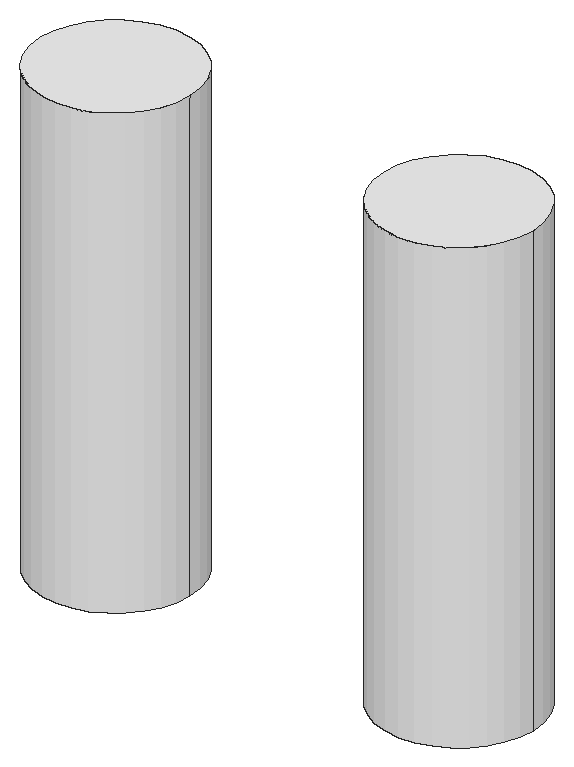
Revit family "57082273(2021)", category Plumbing Fixtures, Revit 2020
Family settings
  Round Connector Dimension = Use Diameter
  Part Type = Normal
  OmniClass Number = 23.45.55.00
  OmniClass Title = Sanitary Faucets, Wastes
  Work Plane-Based = No
  Always vertical = Yes
  Cut with Voids When Loaded = No
  Shared = No
  Room Calculation Point = No
Parameters (values of type "57082273 Washbasin faucet")
  Working Pressure = "50 - 1000 kPa"
  WarrantyStartDate [instance] = "n/a"
  WarrantyGuarantorParts = "n/a"
  WarrantyGuarantorLabor = "n/a"
  WarrantyDurationUnit = "Year"
  WarrantyDurationParts = "n/a"
  WarrantyDurationLabor = "n/a"
  WarrantyDescription = "http://warranty.hansa.com"
  Warranty Information URL = "http://warranty.hansa.com"
  VersionDate = "01/06/2023"
  Version = "1"
  ValvePattern = "n/a"
  ValveOperation = "n/a"
  ValveMechanism = "n/a"
  Uniclass2015Reference = "Pr_40_20_87_96"
  Uniclass2015Description = "Washbasin manual water supply sets"
  Uniclass2 = "Pr_40_30_96_96"
  URL UWL = "http://static.hansa.com/UWL/57082273"
  URL REACH = "http://static.hansa.com/doc/reach"
  URL Materials Declaration = "http://www.hansa.com/fileadmin/resources/182887_57082273_materialsdeclaration.pdf"
  URL Environmental Product Declaration EPD = "http://www.hansa.com/fileadmin/resources/184523_EPD_Washbasin faucet.pdf"
  URL EcoLabel Declaration = "http://static.hansa.com/doc/EcoLabel"
  URL EU Packaging Declaration = "http://static.hansa.com/doc/packaging"
  URL Declaration of SCIP = "http://static.hansa.com/doc/SCIP"
  URL Declaration of Conformity = "http://static.hansa.com/DoC/57082273"
  URL Declaration of Asbestos = "http://static.hansa.com/doc/asbestos"
  URL Declaration Of Performance (DOP) = "http://static.hansa.com/doc/DoP"
  URL ABP = "http://static.hansa.com/ABP/57082273"
  URL = ""
  UNSPSC Class Number = "30181700 Faucets or taps"
  TestPressure = "n/a"
  Technical DataSheet URL = "http://www.hansa.com/datasheet/57082273/en"
  TagNumber [instance] = "n/a"
  SustainabilityPerformance = "n/a"
  Surface treatment = "Chrome"
  Spout Type = "Fixed spout"
  Spout Projection = "113 mm"
  Spare-Part Information URL = "http://static.hansa.com/sp/57082273"
  Size = "50x145x175 mm"
  Shape = "Sculptured"
  SerialNumber [instance] = "n/a"
  Sales Package dimensions (LxWxH) = "540 x 146 x 59"
  Revision = "n/a"
  ReplacementCost = "n/a"
  ProductInformation = "n/a"
  Product URL = "http://static.hansa.com/57082273"
  Product Image URL = "http://static.hansa.com/image/57082273"
  Product Family = "HANSASTELA "
  Product Code = "57082273"
  OperatingMechanismMaterial = "n/a"
  NominalWidth = 48.5 mm
  NominalHeight = 175.838 mm
  NominalDepth = 143.806 mm
  Noise Class = "I (ISO 3822) "
  Name_en = "57082273 Washbasin faucet"
  Name = "57082273 Washbasin faucet"
  NBSReference = "45-35-70/371"
  NBSDescription = "Water supply fittings for wash basins and troughs"
  Mounting Holes = "1 hole"
  ModelReference = "57082273"
  ModelNumber = "n/a"
  Model = "57082273 Washbasin faucet"
  Mobile Product Information URL = "http://mpi.hansa.com/57082273"
  Mechanical Parts = "ø 40 mm ceramic cartridge for flow and temperature control"
  Max. Hot Water Supply = 70 °C
  Material = "Brass"
  Market = "International;Germany;Austria;Belgium;Netherlands;France;Czech Republic;Slovakia;Italy;Spain"
  ManufacturerURL = "http://www.hansa.com"
  ManufacturerName = "HANSA"
  Manufacturer = "HANSA"
  Lever Handle = "Single operating lever/handle;Hot/Cold symbols"
  Keynote = ""
  Interactive AR View URL = "https://static.hansa.com/AR/57082273"
  InstallationDate [instance] = "n/a"
  Installation and Maintenance Guide URL = "http://static.hansa.com/manual/57082273"
  Installation Type = "Deck mounted"
  InletConnectionSize = 10 mm
  IfcExportType = "FAUCET"  # constant formula
  IfcExportAs = "IfcValveType"  # constant formula
  Group = "Washbasin faucet"
  Grade = "n/a"
  FlowCoefficient = 0
  Flow Rate At 300kPa With Flow Controller = 0.09 L/s
  Flow Drawing URL = "http://static.hansa.com/flowchart/57082273"
  Finish = "Polished"
  Features = "Single-lever"
  FaucetMainMaterial = Brass
  FDV Document URL = "http://www.hansa.com/datasheet/57082273/en/fdv"
  ExpectedLife = "n/a"
  Excluded Items = "Without pop-up waste"
  ETIM Class Number = "EC011328 Washbasin mixing tap"
  EN Standard = "EN 817"
  EAN Number = "4057304015434"
  DurationUnit = "Year"
  Dimension Drawing URL = "http://static.hansa.com/dimdrw/57082273"
  Description = ""
  DefaultElevation [instance] = 900 mm
  Default Elevation = 0 mm
  Constituents = "n/a"
  Connection Size = "G3/8"
  Connection = "Flexible inlet pipes"
  Color = "Chrome"
  CodePerformance = "n/a"
  CloseOffRating = 0
  Category = "Washbasin"
  Catalog Drawing URL = "http://static.hansa.com/catdrw/57082273"
  CO2 Emissions (D) = -9.06
  CO2 Emissions (C4) = 0.1
  CO2 Emissions (C3) = 0.03
  CO2 Emissions (C2) = 0.02
  CO2 Emissions (B7) = 1668.6
  CO2 Emissions (A4) = 0.35
  CO2 Emissions (A1-A3) = 12.74
  Brand = "HANSA"
  BodyMaterial = "Brass"
  Barcode [instance] = "n/a"
  Backflow Prevention EN1717 = "AA"
  BIMObjectName = "57082273(2021)"
  Author = "BIMStone"
  AssetType = "Fixed"
  AssetIdentifier [instance] = "n/a"
  Approval ABP = "P-IX 38183/IO"
  Ambience photo = "http://static.hansa.com/ambience/57082273"
  Aerator = "Laminar stream"
  Advanced Features = "Inner body made of DZR brass;3S-installation system for safe and simple mounting"
  Additional Features = "diamond structured water flow"
  AccessibilityPerformance = "n/a"
  3D View = "https://static.hansa.com/AR/57082273"
  2D/3D/BIM Files URL = "http://static.hansa.com/bim/57082273"
Reference planes
  plane 1 "Center (Front/Back)": y = 0
  plane 2: z = 0
  plane 3 "Center (Left/Right)": x = 0
  plane 4: x = -24.25
  plane 5: z = 900
  plane 6: z = 870
  plane 7: y = -143.806
  plane 8: x = 24.25
  plane 9: z = 1075.838
Forms (mm)
  Extrusion 1, solid, material "Brass" <- "FaucetMainMaterial"
    sketch origin (0, -2.74, 0) x (1, 0, 0) y (0, 1, 0)
      loop
        circle (-11.5, -22.5) r 5
      loop
        circle (11.5, -22.5) r 5
    from 870 to 900
Dimensions and locks
  "DefaultElevation": plane 5 to level
  locked: plane 5 to plane 6 at 30
  "NominalDepth": plane 7 to plane 1 "Center (Front/Back)"
  equal spacing: plane 4, plane 3 "Center (Left/Right)", plane 8
  "NominalHeight": plane 9 to plane 5
  "NominalWidth": plane 4 to plane 8
  "InletConnectionSize": diameter of Extrusion 1 sketch curve  (x2)
  aligned and locked: level to plane 2
  aligned and locked: plane 5 to Extrusion 1
  aligned and locked: Extrusion 1 to plane 6
  aligned and locked: nested 2 to plane 5
  aligned and locked: plane 3 "Center (Left/Right)" to nested 2
  aligned and locked: plane 1 "Center (Front/Back)" to nested 2
  aligned and locked: plane 1 "Center (Front/Back)" to nested 1
  aligned and locked: plane 3 "Center (Left/Right)" to nested 1
Automatic sketch dimensions
  Extrusion 1 sketch curve to plane 3 "Center (Left/Right)" = 11.5 mm
  plane 3 "Center (Left/Right)" to Extrusion 1 sketch curve = 11.5 mm
  plane 1 "Center (Front/Back)" to Extrusion 1 sketch curve = 25.24 mm
  Extrusion 1 sketch curve to Extrusion 1 sketch curve = 0 mm
Nested families
  nested 1: "Symbol" at (0, 0, 0), type "Symbol", detail levels coarse
  nested 2: "57082273(2021)_Body" at (0, 0, 900), Material <- "FaucetMainMaterial", type "57082273(2021)_Body"
    with Material Brass
Connectors
  piping at (-11.5, -25.24, 870), diameter 10, driven by "InletConnectionSize"
    settings: on Extrusion 1, index 1, connector inside diameter 609.6 mm, connector length 0 mm, flow factor 0, pipe flow 0.0 L/s, pressure drop 0.0 Pa, fitting loss kfactor 0, connector angle 0.00°, fixture units 0, engagement length 0 mm, angle of deflection 0.00°, flow configuration 1, flow direction 1, fitting loss method 0, system type 19, joint type 0, gender type 0, connector reference index -1, connector utility 0, adjustable connector no, is connector primary yes, connector description ""
  piping at (11.5, -25.24, 870), diameter 10, driven by "InletConnectionSize"
    settings: on Extrusion 1, index 2, connector inside diameter 609.6 mm, connector length 0 mm, flow factor 0, pipe flow 0.0 L/s, pressure drop 0.0 Pa, fitting loss kfactor 0, connector angle 0.00°, fixture units 0, engagement length 0 mm, angle of deflection 0.00°, flow configuration 1, flow direction 1, fitting loss method 0, system type 20, joint type 0, gender type 0, connector reference index -1, connector utility 0, adjustable connector no, is connector primary no, connector description ""
Definition of nested family "Symbol"
  Reference planes
    plane 1: y = 0
    plane 2: x = 0
  Lines and regions (mm)
    detail lines
      curve 1: line (0, 0, 0) -> (0, -1.8, 0)
      curve 2: line (-0.4, -1.1, 0) -> (0.4, -1.1, 0)
      curve 3: line (-0.4, -1.4, 0) -> (0.4, -1.4, 0)
      curve 4: line (0.863, 0, 0) -> (-0.863, 0, 0)
      curve 5: circle (-1.163, 0, 0) r 0.3 normal (0, 0, -1)
      curve 6: circle (1.163, 0, 0) r 0.3 normal (0, 0, 1)
Definition of nested family "57082273(2021)_Body"
  Parameters (values of type "57082273(2021)_Body")
    Material [instance] = none
    Default Elevation = 0 mm
  Reference planes
    plane 1 "Center (Front/Back)": y = 0
    plane 2: z = 0
    plane 3 "Center (Left/Right)": x = 0
    plane 4: x = -24.25
    plane 5: x = 24.25
    plane 6: z = 175.838
    plane 7: y = -143.806
  Forms (mm)
    Extrusion 1, solid, material <- "Material", detail levels coarse
      sketch origin (0, 0, 0) x (1, 0, 0) y (0, 1, 0)
        loop
          line (-24.25, 0) -> (-24.25, -143.806) -> (24.25, -143.806) -> (24.25, 0) -> (-24.25, 0)
      from 0 to 175.838
    Revolve 2, solid, material <- "Material", detail levels medium
      sketch origin (0, 0, 0) x (0, 1, 0) y (0, 0, 1)
        loop
          line (-37.145, 138.627) -> (-48.797, 182.114) -> (-72.221, 175.838) -> (-60.564, 132.333) -> (-37.145, 138.627)
        axis (-72.221, 175.838) -> (-60.564, 132.333)
      angle from 0 to 360
    Extrusion 3, void
      sketch origin (0, 0, 0) x (0, 1, 0) y (0, 0, 1)
        loop
          line (-19.96, 183.114) -> (-143.806, 183.114) -> (-143.806, 149.93) -> (-19.96, 183.114)
        loop
          line (13.003, 0) -> (-143.806, 0) -> (-143.806, -20) -> (13.003, -20) -> (13.003, 0)
      from -25 to 25
    Extrusion 4, solid, material <- "Material", detail levels medium
      sketch origin (0, 0, 0) x (0, 1, 0) y (0, 0, 1)
        loop
          line (-133.979, 148.906) -> (-69.625, 166.15) -> (-70.539, 169.562) -> (-135.33, 152.201)
          arc (-135.33, 152.201) -> (-135.721, 151.871) -> (-135.714, 151.359) r 0.6
          line (-135.714, 151.359) -> (-134.674, 149.223)
          arc (-134.674, 149.223) -> (-134.383, 148.94) -> (-133.979, 148.906) r 0.6
      from -20 to 20
    Extrusion 5, solid, material <- "Material", detail levels medium
      sketch origin (0, 0, 0) x (0, 1, 0) y (0, 0, 1)
        loop
          line (-74.662, 128.554) -> (-143.376, 110.142)
          arc (-143.376, 110.142) -> (-143.722, 109.815) -> (-143.637, 109.347) r 0.5
          line (-143.637, 109.347) -> (-133.187, 96.308) -> (-70.521, 113.099) -> (-74.662, 128.554)
      from -24.25 to 24.25
    Extrusion 6, solid, material <- "Material", detail levels medium
      sketch origin (0, -60.564, 132.333) x (-1, 0, 0) y (0, 0.965926, 0.258819)
        loop
          line (-24.25, 0) -> (-24.25, -16.25)
          arc (-24.25, -16.25) -> (-21.907, -21.907) -> (-16.25, -24.25) r 8
          line (-16.25, -24.25) -> (16.25, -24.25)
          arc (16.25, -24.25) -> (21.907, -21.907) -> (24.25, -16.25) r 8
          line (24.25, -16.25) -> (24.25, 0)
          arc (24.25, 0) -> (0, 24.25) -> (-24.25, 0) r 24.25
      from 0 to 148.221
  Cuts and joins
    Extrusion 3 cuts Revolve 2
    Extrusion 3 cuts Extrusion 6
    joined: Revolve 2, Extrusion 4, Extrusion 5, Extrusion 6
  Lines and regions (mm)
    symbolic lines, detail levels medium+fine
      curve 1: line (0, 0, 0) -> (0, -50.211, 0)
      curve 2: line (0, -50.211, 0) -> (0, -79.329, 108.669)
      curve 3: line (0, 0, 0) -> (0, -47.116, 175.838)
      curve 4: line (0, -47.116, 175.838) -> (0, -135.33, 152.201)
      curve 5: line (0, -133.979, 148.906) -> (0, -95.781, 159.141)
      curve 6: line (0, -135.714, 151.359) -> (0, -134.674, 149.223)
      curve 7: arc (0, -135.33, 152.201) -> (0, -135.721, 151.871) -> (0, -135.714, 151.359) r 0.6
      curve 8: arc (0, -134.674, 149.223) -> (0, -134.383, 148.94) -> (0, -133.979, 148.906) r 0.6
      curve 9: line (0, -81.778, 110.083) -> (0, -133.187, 96.308)
      curve 10: line (0, -83.822, 126.1) -> (0, -143.558, 110.094)
      curve 11: line (0, -92.107, 157.02) -> (0, -83.822, 126.1)
      curve 13: arc (0, -79.329, 108.669) -> (0, -80.26, 109.883) -> (0, -81.778, 110.083) r 2
      curve 14: arc (0, -95.781, 159.141) -> (0, -93.504, 158.841) -> (0, -92.107, 157.02) r 3
      curve 15: line (0, -133.187, 96.308) -> (0, -143.755, 109.493)
      curve 16: arc (0, -143.558, 110.094) -> (0, -143.819, 109.847) -> (0, -143.755, 109.493) r 0.377
      curve 17: line (-24.25, 0, 0) -> (24.25, 0, 0)
      curve 18: line (-24.25, 0, 0) -> (-24.25, 0, 132.139)
      curve 19: arc (-24.25, 0, 132.139) -> (-23.727, 0, 134.25) -> (-22.278, 0, 135.873) r 4.522
      curve 20: line (-23.785, 0, 138.908) -> (-20.37, 0, 170.224)
      curve 21: arc (-18.374, 0, 172.732) -> (0, 0, 175.838) -> (18.374, 0, 172.732) r 55.89
      curve 22: arc (-20.37, 0, 170.224) -> (-19.735, 0, 171.767) -> (-18.374, 0, 172.732) r 3
      curve 23: line (23.785, 0, 138.908) -> (20.37, 0, 170.224)
      curve 24: arc (20.37, 0, 170.224) -> (19.735, 0, 171.767) -> (18.374, 0, 172.732) r 3
      curve 25: line (-22.278, 0, 135.873) -> (-23.234, 0, 137.272)
      curve 26: arc (-23.234, 0, 137.272) -> (-23.622, 0, 138.052) -> (-23.785, 0, 138.908) r 3.184
      curve 47: line (24.25, 0, 0) -> (24.25, 0, 132.139)
      curve 48: arc (24.25, 0, 132.139) -> (23.727, 0, 134.25) -> (22.278, 0, 135.873) r 4.522
      curve 49: line (22.278, 0, 135.873) -> (23.234, 0, 137.272)
      curve 50: arc (23.234, 0, 137.272) -> (23.622, 0, 138.052) -> (23.785, 0, 138.908) r 3.184
      curve 51: line (-24.25, -24.25, 0) -> (-24.25, -137.806, 0)
      curve 52: line (-18.25, -143.806, 0) -> (18.25, -143.806, 0)
      curve 53: arc (-24.25, -137.806, 0) -> (-22.493, -142.049, 0) -> (-18.25, -143.806, 0) r 6
      curve 54: line (24.25, -24.25, 0) -> (24.25, -137.806, 0)
      curve 55: arc (24.25, -137.806, 0) -> (22.493, -142.049, 0) -> (18.25, -143.806, 0) r 6
      curve 56: arc (24.25, -24.25, 0) -> (0, 0, 0) -> (-24.25, -24.25, 0) r 24.25
    symbolic lines, detail levels fine
      curve 12: line (0, -83.822, 126.1) -> (0, -37.14, 138.608)
      curve 27: arc (-15.627, 0, 130.405) -> (-19.343, 0, 132.664) -> (-22.278, 0, 135.873) r 15.386
      curve 28: arc (-9.189, 0, 128.576) -> (-12.467, 0, 129.285) -> (-15.627, 0, 130.405) r 26.279
      curve 29: arc (15.627, 0, 130.405) -> (19.343, 0, 132.664) -> (22.278, 0, 135.873) r 15.386
      curve 30: arc (9.189, 0, 128.576) -> (12.467, 0, 129.285) -> (15.627, 0, 130.405) r 26.279
      curve 31: arc (9.189, 0, 128.576) -> (0, 0, 127.89) -> (-9.189, 0, 128.576) r 61.857
      curve 32: line (-20.228, 0, 96.234) -> (20.228, 0, 96.234)
      curve 33: line (18.227, 0, 108.184) -> (-18.227, 0, 108.184)
      curve 34: line (-20.227, 0, 106.185) -> (-20.228, 0, 96.234)
      curve 35: line (20.227, 0, 106.185) -> (20.228, 0, 96.234)
      curve 36: arc (-18.227, 0, 108.184) -> (-19.641, 0, 107.599) -> (-20.227, 0, 106.185) r 2
      curve 37: arc (20.227, 0, 106.185) -> (19.641, 0, 107.599) -> (18.227, 0, 108.184) r 2
      curve 38: arc (-24.25, 0, 98.224) -> (-22.472, 0, 96.759) -> (-20.228, 0, 96.234) r 5.059
      curve 39: arc (24.25, 0, 98.224) -> (22.472, 0, 96.759) -> (20.228, 0, 96.234) r 5.059
      curve 40: line (-13.48, 0, 148.909) -> (13.48, 0, 148.909)
      curve 41: line (-20.583, 0, 168.265) -> (-20.256, 0, 151.253)
      curve 42: arc (-18.575, 0, 149.317) -> (-16.036, 0, 149.011) -> (-13.48, 0, 148.909) r 31.97
      curve 43: arc (-20.256, 0, 151.253) -> (-19.767, 0, 149.98) -> (-18.575, 0, 149.317) r 2
      curve 44: line (20.583, 0, 168.265) -> (20.256, 0, 151.253)
      curve 45: arc (18.575, 0, 149.317) -> (16.036, 0, 149.011) -> (13.48, 0, 148.909) r 31.97
      curve 46: arc (20.256, 0, 151.253) -> (19.767, 0, 149.98) -> (18.575, 0, 149.317) r 2
      curve 57: arc (-20.509, -73.452, 0) -> (0, -36.262, 0) -> (20.509, -73.452, 0) r 24.25
      curve 58: line (-20.509, -66.068, 0) -> (-20.509, -129.812, 0)
      curve 59: line (-14.509, -135.812, 0) -> (14.509, -135.812, 0)
      curve 60: arc (-20.509, -129.812, 0) -> (-18.752, -134.054, 0) -> (-14.509, -135.812, 0) r 6
      curve 61: line (20.509, -66.068, 0) -> (20.509, -129.812, 0)
      curve 62: arc (20.509, -129.812, 0) -> (18.752, -134.054, 0) -> (14.509, -135.812, 0) r 6
      curve 63: arc (20.509, -66.068, 0) -> (0, -45.559, 0) -> (-20.509, -66.068, 0) r 20.509
  Dimensions and locks
    aligned and locked: level to plane 2
